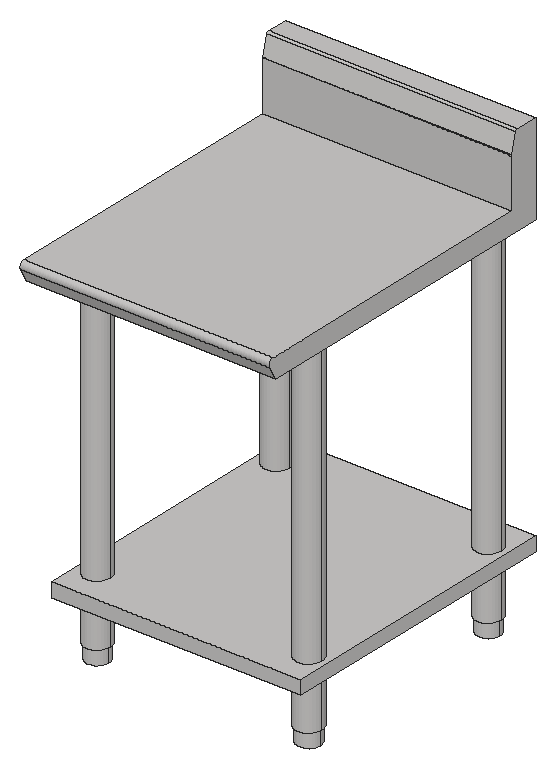
Revit family "QF_COBRA MOFFAT_C600", category Specialty Equipment, Revit 2016
Family settings
  Part Type = Normal
  Round Connector Dimension = Use Diameter
  Work Plane-Based = No
  Always vertical = Yes
  Cut with Voids When Loaded = No
  Shared = No
  Room Calculation Point = No
Parameters
  Weight in Pounds = 33.5
  URL Cutsheet = ""
  Specification by User = ""
  Specification by Manufacturer = ""
  Serial Number = ""
  Seismic Rating = ""
  SMACNA No = ""
  Revision Code = ""
  NAFEM Spec ID Number = ""
  Model = "C600"
  Masterspec = ""
  Manufacturer = "COBRA MOFFAT"
  Length = 600.00 mm
  Item Number = ""
  Installed By = ""
  Identify Quantity as Lot = yes
  Height = 1085.00 mm
  Furnished By = ""
  Foodservice Equipment Identifier = yes
  Description = "INFILL BENCHES"
  Depth = 800.00 mm
  CSI MasterFormat = ""
Reference planes
  plane 1 "BACK": y = 0
  plane 2: z = 0
  plane 3 "LEFT": x = 0
  plane 4 "RIGHT": x = 600
  plane 5 "FRONT": y = -800
  plane 6 "TOP": z = 1085
  plane 7 "Center Y": x = 300
  plane 8 "Center X": y = -400
  plane 9: x = 45.5
  plane 10: x = 554.5
Forms (mm)
  Extrusion 1, solid, material "QF_Metal - Stainless - Polished"
    sketch origin (0, 0, 0) x (0, 1, 0) y (0, 0, 1)
      loop
        line (-780.27, 866) -> (0, 866) -> (0, 1085) -> (-51.999, 1085)
        arc (-51.999, 1085) -> (-55.651, 1083.76) -> (-57.794, 1080.553) r 6
        line (-57.794, 1080.553) -> (-69.796, 1035.763)
        arc (-69.796, 1035.763) -> (-69.949, 1034.993) -> (-70, 1034.21) r 6
        line (-70, 1034.21) -> (-70, 915) -> (-788.301, 915)
        arc (-788.301, 915) -> (-798.434, 909.149) -> (-798.433, 897.448) r 11.7
        line (-798.433, 897.448) -> (-780.27, 866)
      loop
        line (0, 184) -> (-705, 184) -> (-705, 150) -> (0, 150) -> (0, 184)
    from 0 to 600
  Revolve 2, solid, material "QF_Metal - Stainless - Polished"
    sketch origin (0, -85, 35) x (0, 0, 1) y (1, 0, 0)
      loop
        line (-35, 17.5) -> (0, 17.5) -> (0, 13.75) -> (115, 13.75) -> (115, 45.5) -> (-35, 45.5) -> (-35, 17.5)
      loop
        line (149, 45.5) -> (149, 13.75) -> (831, 13.75) -> (831, 45.5) -> (149, 45.5)
      axis (831, 45.5) -> (-35, 45.5)
    angle from 0 to 360
  Revolve 3, solid, material "QF_Metal - Stainless - Polished"
    sketch origin (0, -625, 35) x (0, 0, 1) y (1, 0, 0)
      loop
        line (-35, 17.5) -> (0, 17.5) -> (0, 13.75) -> (115, 13.75) -> (115, 45.5) -> (-35, 45.5) -> (-35, 17.5)
      loop
        line (149, 45.5) -> (149, 13.75) -> (831, 13.75) -> (831, 45.5) -> (149, 45.5)
      axis (831, 45.5) -> (-35, 45.5)
    angle from 0 to 360
  Revolve 4, solid, material "QF_Metal - Stainless - Polished"
    sketch origin (450, -85, 35) x (0, 0, 1) y (1, 0, 0)
      loop
        line (-35, 132.5) -> (-35, 104.5) -> (115, 104.5) -> (115, 136.25) -> (0, 136.25) -> (0, 132.5) -> (-35, 132.5)
      loop
        line (149, 104.5) -> (831, 104.5) -> (831, 136.25) -> (149, 136.25) -> (149, 104.5)
      axis (831, 104.5) -> (-35, 104.5)
    angle from 0 to 360
  Revolve 5, solid, material "QF_Metal - Stainless - Polished"
    sketch origin (450, -625, 35) x (0, 0, 1) y (1, 0, 0)
      loop
        line (-35, 132.5) -> (-35, 104.5) -> (115, 104.5) -> (115, 136.25) -> (0, 136.25) -> (0, 132.5) -> (-35, 132.5)
      loop
        line (149, 104.5) -> (831, 104.5) -> (831, 136.25) -> (149, 136.25) -> (149, 104.5)
      axis (831, 104.5) -> (-35, 104.5)
    angle from 0 to 360
Lines and regions (mm)
  symbolic lines
    curve 1: line (0, 0, 0) -> (600, 0, 0)
    curve 2: line (0, -800.001, 0) -> (0, 0, 0)
    curve 3: line (600, -800.001, 0) -> (0, -800.001, 0)
    curve 4: line (600, 0, 0) -> (600, -800.001, 0)
    curve 5: line (0, -70, 0) -> (600, -70, 0)
Dimensions and locks
  equal spacing: plane 3 "LEFT", plane 7 "Center Y", plane 4 "RIGHT"
  "Length": plane 3 "LEFT" to plane 4 "RIGHT"
  equal spacing: plane 5 "FRONT", plane 8 "Center X", plane 1 "BACK"
  "Depth": plane 5 "FRONT" to plane 1 "BACK"
  "Height": plane 6 "TOP" to level
  locked: plane 10 to plane 4 "RIGHT" at 45.5
  aligned and locked: level to plane 2
Automatic sketch dimensions
  plane 1 "BACK" to curve 1 = 0.00 mm
  curve 1 to plane 3 "LEFT" = 0.00 mm
  curve 4 to plane 4 "RIGHT" = 0.00 mm
  plane 5 "FRONT" to curve 3 = 0.001 mm
  plane 1 "BACK" to curve 5 = 70.00 mm
  Extrusion 1 sketch curve to plane 6 "TOP" = 0.00 mm
  Extrusion 1 sketch curve to plane 1 "BACK" = 0.00 mm  (x2)
  Extrusion 1 sketch curve to Extrusion 1 sketch curve = 51.999 mm
  Extrusion 1 sketch curve to plane 6 "TOP" = 4.447 mm
  Extrusion 1 sketch curve to Extrusion 1 sketch curve = 5.796 mm  (x2)
  Extrusion 1 sketch curve to Extrusion 1 sketch curve = 12.001 mm
  Extrusion 1 sketch curve to Extrusion 1 sketch curve = 0.204 mm
  Extrusion 1 sketch curve to plane 5 "FRONT" = 95.00 mm
  Extrusion 1 sketch curve to plane 5 "FRONT" = 19.73 mm
  Extrusion 1 sketch curve to plane 5 "FRONT" = 11.699 mm
  Extrusion 1 sketch curve to plane 5 "FRONT" = 1.567 mm
  Extrusion 1 sketch curve to Extrusion 1 sketch curve = 44.79 mm
  Extrusion 1 sketch curve to Extrusion 1 sketch curve = 119.21 mm
  Extrusion 1 sketch curve to Extrusion 1 sketch curve = 11.70 mm
  Extrusion 1 sketch curve to Extrusion 1 sketch curve = 31.448 mm
  level to Extrusion 1 sketch curve = 184.00 mm
  Extrusion 1 sketch curve to Extrusion 1 sketch curve = 34.00 mm
  Revolve 2 sketch curve to level = 0.00 mm
  plane 9 to Revolve 2 sketch curve = 0.00 mm  (x3)
  level to Revolve 2 sketch curve = 35.00 mm
  Revolve 2 sketch curve to Revolve 2 sketch curve = 115.00 mm
  plane 3 "LEFT" to Revolve 2 sketch curve = 13.75 mm  (x2)
  Revolve 2 sketch curve to Revolve 2 sketch curve = 34.00 mm
  Revolve 2 sketch curve to plane 6 "TOP" = 219.00 mm
  plane 3 "LEFT" to Revolve 2 sketch curve = 17.50 mm
  Revolve 2 sketch curve to Revolve 2 sketch curve = 14.95 mm
  Revolve 2 sketch curve to Revolve 2 sketch curve = 6.35 mm
  Revolve 3 sketch curve to level = 0.00 mm
  plane 9 to Revolve 3 sketch curve = 0.00 mm  (x3)
  level to Revolve 3 sketch curve = 35.00 mm
  Revolve 3 sketch curve to Revolve 3 sketch curve = 115.00 mm
  plane 3 "LEFT" to Revolve 3 sketch curve = 13.75 mm  (x2)
  Revolve 3 sketch curve to Revolve 3 sketch curve = 34.00 mm
  Revolve 3 sketch curve to plane 6 "TOP" = 219.00 mm
  plane 3 "LEFT" to Revolve 3 sketch curve = 17.50 mm
  Revolve 3 sketch curve to Revolve 3 sketch curve = 14.95 mm
  Revolve 3 sketch curve to Revolve 3 sketch curve = 6.35 mm
  Revolve 4 sketch curve to level = 0.00 mm
  plane 10 to Revolve 4 sketch curve = 0.00 mm  (x3)
  level to Revolve 4 sketch curve = 35.00 mm
  Revolve 4 sketch curve to Revolve 4 sketch curve = 115.00 mm
  plane 4 "RIGHT" to Revolve 4 sketch curve = 13.75 mm
  Revolve 4 sketch curve to Revolve 4 sketch curve = 34.00 mm
  Revolve 4 sketch curve to plane 6 "TOP" = 219.00 mm
  plane 4 "RIGHT" to Revolve 4 sketch curve = 17.50 mm
  Revolve 4 sketch curve to Revolve 4 sketch curve = 3.75 mm
  Revolve 4 sketch curve to Revolve 4 sketch curve = 14.95 mm
  Revolve 4 sketch curve to Revolve 4 sketch curve = 6.35 mm
  Revolve 5 sketch curve to level = 0.00 mm
  plane 10 to Revolve 5 sketch curve = 0.00 mm  (x3)
  level to Revolve 5 sketch curve = 35.00 mm
  Revolve 5 sketch curve to Revolve 5 sketch curve = 115.00 mm
  plane 4 "RIGHT" to Revolve 5 sketch curve = 13.75 mm
  Revolve 5 sketch curve to Revolve 5 sketch curve = 34.00 mm
  Revolve 5 sketch curve to plane 6 "TOP" = 219.00 mm
  plane 4 "RIGHT" to Revolve 5 sketch curve = 17.50 mm
  Revolve 5 sketch curve to Revolve 5 sketch curve = 3.75 mm
  Revolve 5 sketch curve to Revolve 5 sketch curve = 14.95 mm
  Revolve 5 sketch curve to Revolve 5 sketch curve = 6.35 mm
